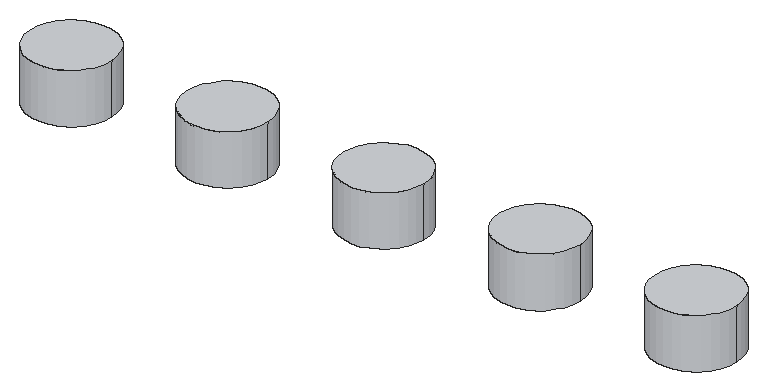
Revit family "Array_Sample", category Allgemeines Modell, Revit 2025
Family settings
  Kann Basisbauteil für Bewehrung sein = Nein
  Bemaßung runder Anschluss = Durchmesser verwenden
  Teiletyp = Normal
  Arbeitsebenenbasiert = Nein
  Immer vertikal = Ja
  Beim Laden mit Abzugskörper schneiden = Nein
  Beschriftungsausrichtung beibehalten = Nein
  Gemeinsam genutzt = Nein
  Raumberechnungspunkt = Nein
Parameters
  Vorgabe-Ansicht = 0 mm
  Number of elements = 5
Reference planes
  plane 1 "Mitte (Vorne/hinten)": y = 0
  plane 2: z = 0
  plane 3 "Mitte (Links/rechts)": x = 0
Forms (mm)
  Extrusion 1, solid
    sketch origin (0, 0, 0) x (1, 0, 0) y (0, 1, 0)
      loop
        circle (-1842.247, 0) r 200
    from 0 to 250
  Extrusion 2, solid
    sketch origin (3100, 0, 0) x (1, 0, 0) y (0, 1, 0)
      loop
        circle (-1842.247, 0) r 200
    from 0 to 250
  Extrusion 3, solid
    sketch origin (775, 0, 0) x (1, 0, 0) y (0, 1, 0)
      loop
        circle (-1842.247, 0) r 200
    from 0 to 250
  Extrusion 4, solid
    sketch origin (1550, 0, 0) x (1, 0, 0) y (0, 1, 0)
      loop
        circle (-1842.247, 0) r 200
    from 0 to 250
  Extrusion 5, solid
    sketch origin (2325, 0, 0) x (1, 0, 0) y (0, 1, 0)
      loop
        circle (-1842.247, 0) r 200
    from 0 to 250
Dimensions and locks
  equal spacing: group 1, group 3, group 4, group 5, group 2  (x3)
  aligned and locked: level to plane 2
Automatic sketch dimensions
  radius of Extrusion 1 sketch curve = 200 mm
